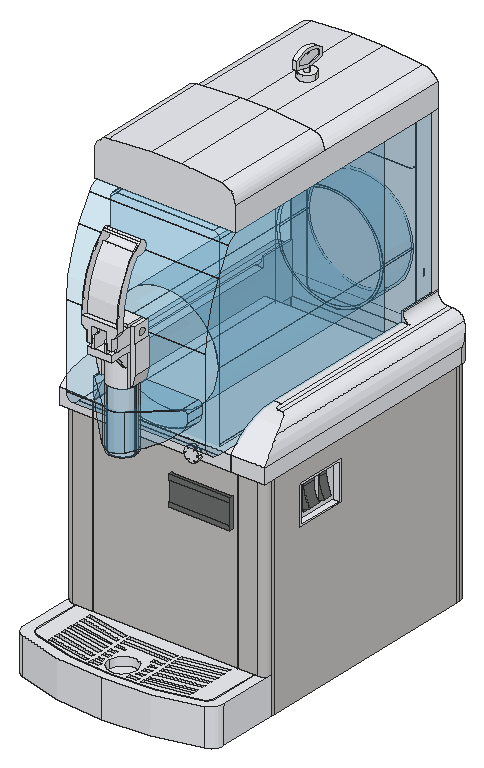
Revit family "QF_ELECTROLUXPROFESSIONAL_560098_SP1NewUV", category Specialty Equipment, Revit 2018
Family settings
  Round Connector Dimension = Use Diameter
  Part Type = Normal
  Work Plane-Based = No
  Always vertical = Yes
  Cut with Voids When Loaded = No
  Shared = No
  Room Calculation Point = No
Parameters (values of type "Standard")
  Weight = 28.00 kg
  Watts = 0 W
  Volts = 220 V
  URL Manufacturer = "http://professional.electrolux.com"
  URL = "http://professional.electrolux.com"
  Steam Supply Size = 0 mm
  Steam Supply Minimum Pressure = 0.0 Pa
  Steam Supply Maximum Pressure = 0.0 Pa
  Steam Pounds per Hour = 0
  Refrigeration Suction Line Size = 0 mm
  Refrigeration Liquid Line Size = 0 mm
  Refrigerant Compressor Remote = yes
  Manufacturer = "Electrolux Professional"
  Phase = 1
  Model = "SP1NewUV"
  Length Actual = 262 mm  # constant formula
  Item Number = "560098"
  Hot Water Size = 0 mm
  Height Actual = 613 mm  # constant formula
  HP = "0.4 HP"
  Gas Size = 0 mm
  Gas KW = 0
  Gas Input Pressure = 0 W
  Direct Waste Size = 0 mm
  Description = "1x5 LITERS BOWL - FROZEN GRANITA AND FROZEN CREAM DISPENSER -  1 INSULATED BOWL - UV LIGHT"
  Depth Actual = 429 mm  # constant formula
  Cycle = 50 Hz
  Condensate Return Size = 0 mm
  Compressed Air Volume = 0.0 L/s
  Compressed Air Size = 0 mm
  Compressed Air Pressure = 0.0 Pa
  Cold Water Size = 0 mm
  Accessory = yes
Reference planes
  plane 1 "Center (Front/Back)": y = 0
  plane 2 "BASE": z = 0
  plane 3 "Center (Left/Right)": x = 0
  plane 4 "FEET": z = 14
  plane 5 "BACK": y = 212
  plane 6 "LEFT": x = -131
  plane 7 "RIGHT": x = 131
  plane 8: y = 169
  plane 9: y = -118.5
  plane 10 "Erogatore": through (0, -232.305, 334.252) normal (0, -0.5736, 0.8192)
  plane 11: y = -81
  plane 12 "BackButton": z = 362.798
  plane 13 "SlopeBack": through (0, 294.5, 470.764) normal (0, 0.9659, 0.2588)
  plane 14 "TOP": z = 640
  plane 15 "FRONT": y = -216
Forms (mm)
  Extrusion 1, solid, material "QF_Finishes_Rubber Black"
    sketch origin (-29, 0, 0) x (1, 0, 0) y (0, 1, 0)
      loop
        circle (-71, 169) r 12.5
    from 0 to 3
  Blend 2, solid
    base sketch origin (-29, 0, 0) x (1, 0, 0) y (0, 1, 0)
      loop
        circle (-71, 169) r 15.5
    top sketch origin (-29, 0, 0) x (1, 0, 0) y (0, 1, 0)
      loop
        circle (-71, 169) r 17
    from 3 to 14
  Extrusion 3, solid, material "QF_Finishes_Rubber Black"
    sketch origin (171, 0, 0) x (1, 0, 0) y (0, 1, 0)
      loop
        circle (-71, 169) r 12.5
    from 0 to 3
  Blend 4, solid
    base sketch origin (171, 0, 0) x (1, 0, 0) y (0, 1, 0)
      loop
        circle (-71, 169) r 15.5
    top sketch origin (171, 0, 0) x (1, 0, 0) y (0, 1, 0)
      loop
        circle (-71, 169) r 17
    from 3 to 14
  Extrusion 5, solid, material "QF_Finishes_Rubber Black"
    sketch origin (171, -267.5, 0) x (1, 0, 0) y (0, 1, 0)
      loop
        circle (-71, 186.5) r 12.5
    from 0 to 3
  Blend 6, solid
    base sketch origin (171, -267.5, 0) x (1, 0, 0) y (0, 1, 0)
      loop
        circle (-71, 186.5) r 15.5
    top sketch origin (171, -267.5, 0) x (1, 0, 0) y (0, 1, 0)
      loop
        circle (-71, 186.5) r 17
    from 3 to 14
  Extrusion 7, solid, material "QF_Finishes_Rubber Black"
    sketch origin (-29, -267.5, 0) x (1, 0, 0) y (0, 1, 0)
      loop
        circle (-71, 186.5) r 12.5
    from 0 to 3
  Blend 8, solid
    base sketch origin (-29, -267.5, 0) x (1, 0, 0) y (0, 1, 0)
      loop
        circle (-71, 186.5) r 15.5
    top sketch origin (-29, -267.5, 0) x (1, 0, 0) y (0, 1, 0)
      loop
        circle (-71, 186.5) r 17
    from 3 to 14
  Extrusion 9, solid, material "Glass"
    sketch origin (0, 212, 0) x (-1, 0, 0) y (0, 0, 1)
      loop
        circle (0, 394.542) r 65
      loop
        circle (0, 394.542) r 68
    from -59.276 to -10
  Extrusion 10, solid, material "QF_Finishes_White"
    sketch origin (0.189, -212, -123.048) x (-1, 0, 0) y (0, 0, 1)
      loop
        line (41.631, 426.74) -> (42.799, 423.85)
        arc (42.799, 423.85) -> (41.998, 423.46) -> (41.26, 422.962) r 6.382
        line (41.26, 422.962) -> (39.342, 425.418)
        arc (39.342, 425.418) -> (36.964, 422.682) -> (35.784, 419.255) r 9.498
        line (35.784, 419.255) -> (38.87, 418.821)
        arc (38.87, 418.821) -> (38.808, 417.933) -> (38.87, 417.045) r 6.382
        line (38.87, 417.045) -> (35.784, 416.611)
        arc (35.784, 416.611) -> (36.964, 413.184) -> (39.342, 410.449) r 9.498
        line (39.342, 410.449) -> (41.26, 412.904)
        arc (41.26, 412.904) -> (41.998, 412.406) -> (42.799, 412.016) r 6.382
        line (42.799, 412.016) -> (41.631, 409.127)
        arc (41.631, 409.127) -> (45.189, 408.435) -> (48.747, 409.127) r 9.498
        line (48.747, 409.127) -> (47.58, 412.016)
        arc (47.58, 412.016) -> (48.38, 412.406) -> (49.118, 412.904) r 6.382
        line (49.118, 412.904) -> (51.037, 410.449)
        arc (51.037, 410.449) -> (53.415, 413.184) -> (54.595, 416.611) r 9.498
        line (54.595, 416.611) -> (51.509, 417.045)
        arc (51.509, 417.045) -> (51.571, 417.933) -> (51.509, 418.821) r 6.382
        line (51.509, 418.821) -> (54.595, 419.255)
        arc (54.595, 419.255) -> (53.415, 422.682) -> (51.037, 425.418) r 9.498
        line (51.037, 425.418) -> (49.118, 422.962)
        arc (49.118, 422.962) -> (48.38, 423.46) -> (47.58, 423.85) r 6.382
        line (47.58, 423.85) -> (48.747, 426.74)
        arc (48.747, 426.74) -> (45.189, 427.431) -> (41.631, 426.74) r 9.498
    from 86.951 to 91.847
  Extrusion 11, solid, material "QF_Finishes_White"
    sketch origin (0, 48.357, 801) x (-1, 0, 0) y (0, -1, 0)
      loop
        circle (0, 226.958) r 15.5
    from -371.98 to -493
  Extrusion 12, solid, material "Glass"
    sketch origin (0, 48.357, 801) x (-1, 0, 0) y (0, -1, 0)
      loop
        circle (0, 226.958) r 18
      loop
        circle (0, 226.958) r 16
    from -413.102 to -493
  Extrusion 13, solid, material "QF_Finishes_White"
    sketch origin (0, 48.357, 801) x (-1, 0, 0) y (0, -1, 0)
      loop
        arc (-15.227, 216.452) -> (0, 208.458) -> (15.227, 216.452) r 18.5
        line (15.227, 216.452) -> (15.227, 237.464)
        arc (15.227, 237.464) -> (0, 245.458) -> (-15.227, 237.464) r 18.5
        line (-15.227, 237.464) -> (-15.227, 216.452)
    from -371.98 to -413.102
  Extrusion 14, solid, material "QF_Finishes_White"
    sketch origin (0, 55.382, 805.556) x (-1, 0, 0) y (0, -1, 0)
      loop
        line (15.227, 271.382) -> (-15.227, 271.382) -> (-15.227, 213.658) -> (15.227, 213.658) -> (15.227, 271.382)
    from -368.017 to -376.536
  Extrusion 15, solid, material "QF_Finishes_White"
    sketch origin (0, 53.382, -125.444) x (0, 1, 0) y (0, 0, 1)
      loop
        line (-261.382, 594.51) -> (-261.382, 596.294)
        arc (-261.382, 596.294) -> (-255.05, 633.384) -> (-236.771, 666.272) r 111.793
        arc (-236.771, 666.272) -> (-224.219, 671.737) -> (-234.339, 680.956) r 8.155
        arc (-234.339, 680.956) -> (-260.275, 642.108) -> (-269.382, 596.294) r 119.793
        line (-269.382, 596.294) -> (-269.382, 594.51) -> (-261.382, 594.51)
    from 23.02 to -23.02
  Extrusion 16, void
    sketch origin (0, -212, -130.102) x (-1, 0, 0) y (0, 0, 1)
      loop
        line (-23.02, 594.51) -> (-23.02, 567.641) -> (-15.227, 567.641) -> (-15.227, 586.659)
        arc (-15.227, 586.659) -> (-20.449, 589.269) -> (-23.02, 594.51) r 9.122
      loop
        arc (23.02, 594.51) -> (20.449, 589.269) -> (15.227, 586.659) r 9.122
        line (15.227, 586.659) -> (15.227, 567.641) -> (23.02, 567.641) -> (23.02, 594.51)
      loop
        line (-10.018, 592.641) -> (-10.018, 567.641) -> (9.982, 567.641) -> (9.982, 592.641) -> (-10.018, 592.641)
    from 4 to -4
  Extrusion 17, void
    sketch origin (0, 53.382, -125.444) x (0, 1, 0) y (0, 0, 1)
      loop
        arc (-238.506, 676.569) -> (-261.397, 639.298) -> (-269.382, 596.294) r 119.793
        line (-269.382, 596.294) -> (-262.382, 596.294)
        arc (-262.382, 596.294) -> (-255.831, 634.173) -> (-236.94, 667.653) r 112.793
        arc (-236.94, 667.653) -> (-225.218, 674.307) -> (-238.506, 676.569) r 7.155
    from 22 to -22
  Extrusion 18, solid, material "QF_Finishes_White"
    sketch origin (-131, 53.382, -125.444) x (0, 1, 0) y (0, 0, 1)
      loop
        line (-261.382, 596.294) -> (-269.382, 596.294) -> (-269.382, 567.641) -> (-261.382, 567.641) -> (-261.382, 596.294)
    from 154.02 to 107.98
  Extrusion 19, solid, material "QF_Finishes_White"
    sketch origin (-131, 55.382, -130.102) x (0, 1, 0) y (0, 0, 1)
      loop
        line (-263.382, 567.641) -> (-223.382, 567.641) -> (-223.382, 587.641) -> (-256.513, 587.641)
        arc (-256.513, 587.641) -> (-261.37, 589.653) -> (-263.382, 594.51) r 6.869
        line (-263.382, 594.51) -> (-263.382, 567.641)
    from 115.773 to 107.98
  Extrusion 20, solid, material "QF_Finishes_White"
    sketch origin (-131, 55.382, -130.102) x (0, 1, 0) y (0, 0, 1)
      loop
        line (-263.382, 567.641) -> (-224.483, 567.641) -> (-224.483, 587.641) -> (-256.513, 587.641)
        arc (-256.513, 587.641) -> (-261.37, 589.653) -> (-263.382, 594.51) r 6.869
        line (-263.382, 594.51) -> (-263.382, 567.641)
    from 115.773 to 121.018
  Extrusion 21, solid, material "QF_Finishes_White"
    sketch origin (-131, 55.382, -125.444) x (0, 1, 0) y (0, 0, 1)
      loop
        line (-248.575, 539.464) -> (-246.902, 539.464) -> (-246.902, 554.464) -> (-261.615, 554.464) -> (-248.575, 539.464)
    from 115.773 to 118.85
  Extrusion 22, solid, material "QF_Finishes_White"
    sketch origin (-131, 55.382, -125.444) x (0, 1, 0) y (0, 0, 1)
      loop
        line (-246.902, 554.464) -> (-261.615, 554.464) -> (-248.575, 539.464) -> (-246.902, 539.464) -> (-246.902, 554.464)
    from 143.221 to 146.227
  Extrusion 23, solid, material "QF_Finishes_White"
    sketch origin (-131, 55.382, -125.444) x (0, 1, 0) y (0, 0, 1)
      loop
        line (-263.382, 562.983) -> (-224.483, 562.983) -> (-224.483, 582.983) -> (-256.513, 582.983)
        arc (-256.513, 582.983) -> (-261.37, 584.995) -> (-263.382, 589.852) r 6.869
        line (-263.382, 589.852) -> (-263.382, 562.983)
    from 141.018 to 146.227
  Extrusion 24, solid, material "QF_Finishes_White"
    sketch origin (-131, 53.382, -130.102) x (0, 1, 0) y (0, 0, 1)
      loop
        line (-269.382, 567.641) -> (-221.382, 567.641) -> (-221.382, 586.659) -> (-258.382, 586.659)
        arc (-258.382, 586.659) -> (-260.503, 585.78) -> (-261.382, 583.659) r 3
        line (-261.382, 583.659) -> (-261.382, 582.15) -> (-266.382, 582.15)
        arc (-266.382, 582.15) -> (-268.503, 581.271) -> (-269.382, 579.15) r 3
        line (-269.382, 579.15) -> (-269.382, 567.641)
    from 124.546 to 121.018
  Extrusion 25, solid, material "QF_Finishes_White"
    sketch origin (-131, 65.803, -125.444) x (0, 1, 0) y (0, 0, 1)
      loop
        line (-281.803, 562.983) -> (-234.904, 562.983) -> (-234.904, 582.001) -> (-270.803, 582.001)
        arc (-270.803, 582.001) -> (-272.924, 581.122) -> (-273.803, 579.001) r 3
        line (-273.803, 579.001) -> (-273.803, 577.492) -> (-278.803, 577.492)
        arc (-278.803, 577.492) -> (-280.924, 576.613) -> (-281.803, 574.492) r 3
        line (-281.803, 574.492) -> (-281.803, 562.983)
    from 137.49 to 141.018
  Extrusion 26, solid, material "QF_Finishes_White"
    sketch origin (0, -212, -125.444) x (-1, 0, 0) y (0, 0, 1)
      loop
        line (-18, 517.898) -> (-18, 586.659) -> (-23.482, 586.659) -> (-23.482, 567.641) -> (-24.969, 567.641) -> (-24.969, 530.88) -> (-21, 517.898) -> (-18, 517.898)
      loop
        line (18, 517.898) -> (21, 517.898) -> (24.969, 530.88) -> (24.969, 567.641) -> (23.482, 567.641) -> (23.482, 586.659) -> (18, 586.659) -> (18, 517.898)
    from 43.905 to 22.893
  Extrusion 27, solid, material "QF_Finishes_White"
    sketch origin (0, 65.803, 805.556) x (-1, 0, 0) y (0, -1, 0)
      loop
        line (-15.227, 254.91) -> (-15.227, 233.898) -> (15.227, 233.898) -> (15.227, 254.91) -> (-15.227, 254.91)
    from -344.341 to -348.017
  Extrusion 28, void
    sketch origin (0, 56.778, -130) x (0, 1, 0) y (0, 0, 1)
      loop
        circle (-234.353, 582.005) r 3.978
    from 24.969 to -24.969
  Extrusion 29, solid, material "QF_Finishes_Stainless Steel"
    sketch origin (0, 56.226, -130) x (0, 1, 0) y (0, 0, 1)
      loop
        circle (-234.353, 582.005) r 3.978
    from 24 to -24
  Extrusion 30, solid, material "QF_Finishes_Stainless Steel"
    sketch origin (140, 25, 14) x (-1, 0, 0) y (0, -1, 0)
      loop
        circle (71, 81) r 10
    from 0 to -10
  Extrusion 31, void
    sketch origin (0, 240.916, -140) x (0, 0, 1) y (-1, 0, 0)
      loop
        line (496.312, -81.169) -> (519.521, -81.169)
        arc (519.521, -81.169) -> (523.021, -77.669) -> (519.521, -74.169) r 3.5
        line (519.521, -74.169) -> (496.312, -74.169)
        arc (496.312, -74.169) -> (492.812, -77.669) -> (496.312, -81.169) r 3.5
    from 28.916 to 38.079
  Extrusion 32, solid, material "QF_Finishes_Red"
    sketch origin (0, 240.916, -140) x (0, 0, 1) y (-1, 0, 0)
      loop
        line (507.945, -79.669) -> (517.521, -79.669) -> (517.521, -75.669) -> (507.945, -75.669) -> (507.945, -79.669)
    from 32.664 to 38.079
  Extrusion 33, solid, material "QF_Finishes_Stainless Steel"
    sketch origin (131, 0, 0) x (0, -1, 0) y (0, 0, 1)
      loop
        line (-195.256, 14) -> (96.764, 14) -> (96.764, 286) -> (-195.256, 286) -> (-195.256, 14)
      loop
        line (55.71, 260.287) -> (-9.29, 260.287) -> (-9.29, 210.287) -> (55.71, 210.287) -> (55.71, 260.287)
    from 6 to 3
  Extrusion 34, solid, material "QF_Finishes_Stainless Steel"
    sketch origin (-133, 0, 0) x (0, -1, 0) y (0, 0, -1)
      loop
        line (-195.256, -14) -> (-195.256, -286) -> (96.764, -286) -> (96.764, -14) -> (-195.256, -14)
    from 8 to 5
  Extrusion 35, solid, material "QF_Finishes_Stainless Steel"
    sketch origin (0, 0, 14) x (-1, 0, 0) y (0, -1, 0)
      loop
        line (-128, 100.829) -> (-128, 96.764) -> (-125, 96.764) -> (-125, 100.829)
        arc (-125, 100.829) -> (-122.95, 105.778) -> (-118, 107.829) r 7
        line (-118, 107.829) -> (-93.157, 107.829) -> (-93.157, 110.829) -> (-118, 110.829)
        arc (-118, 110.829) -> (-125.071, 107.9) -> (-128, 100.829) r 10
    from 0 to 272
  Extrusion 36, solid, material "QF_Finishes_Stainless Steel"
    sketch origin (0, 0, 14) x (1, 0, 0) y (0, 1, 0)
      loop
        arc (-128, -100.829) -> (-125.071, -107.9) -> (-118, -110.829) r 10
        line (-118, -110.829) -> (-93.157, -110.829) -> (-93.157, -107.829) -> (-118, -107.829)
        arc (-118, -107.829) -> (-122.95, -105.778) -> (-125, -100.829) r 7
        line (-125, -100.829) -> (-125, -96.764) -> (-128, -96.764) -> (-128, -100.829)
    from 0 to 272
  Extrusion 37, solid, material "QF_Finishes_Stainless Steel"
    sketch origin (0, 98.492, 14) x (-1, 0, 0) y (0, -1, 0)
      loop
        arc (-128, -100.829) -> (-125.071, -107.9) -> (-118, -110.829) r 10
        line (-118, -110.829) -> (-93.157, -110.829) -> (-93.157, -107.829) -> (-118, -107.829)
        arc (-118, -107.829) -> (-122.95, -105.778) -> (-125, -100.829) r 7
        line (-125, -100.829) -> (-125, -96.764) -> (-128, -96.764) -> (-128, -100.829)
    from 0 to 272
  Extrusion 38, solid, material "QF_Finishes_Stainless Steel"
    sketch origin (0, 98.492, 14) x (1, 0, 0) y (0, 1, 0)
      loop
        line (-128, 100.829) -> (-128, 96.764) -> (-125, 96.764) -> (-125, 100.829)
        arc (-125, 100.829) -> (-122.95, 105.778) -> (-118, 107.829) r 7
        line (-118, 107.829) -> (-93.157, 107.829) -> (-93.157, 110.829) -> (-118, 110.829)
        arc (-118, 110.829) -> (-125.071, 107.9) -> (-128, 100.829) r 10
    from 0 to 272
  Extrusion 39, solid, material "QF_Finishes_White"
    sketch origin (0, 0, 14) x (-1, 0, 0) y (0, -1, 0)
      loop
        line (93.157, -209.321) -> (93.157, -206.321) -> (-93.157, -206.321) -> (-93.157, -209.321) -> (93.157, -209.321)
    from 0 to 272
  Extrusion 40, solid, material "QF_Finishes_Stainless Steel"
    sketch origin (0, 0, 14) x (-1, 0, 0) y (0, -1, 0)
      loop
        line (93.157, 107.829) -> (93.157, 110.829) -> (-93.157, 110.829) -> (-93.157, 107.829) -> (93.157, 107.829)
    from 0 to 272
  Extrusion 41, solid, material "QF_Finishes_White"
    sketch origin (0, 212, 0) x (-1, 0, 0) y (0, 0, 1)
      loop
        line (-88, 286) -> (-88, 351) -> (-90.028, 351) -> (-90.028, 349.598)
        arc (-90.028, 349.598) -> (-93.627, 340.909) -> (-102.317, 337.309) r 12.289
        line (-102.317, 337.309) -> (-109.296, 337.309)
        arc (-109.296, 337.309) -> (-117.695, 334.961) -> (-123.658, 328.597) r 16.194
        arc (-123.658, 328.597) -> (-129.118, 317.88) -> (-131, 306) r 38.445
        line (-131, 306) -> (-131, 286) -> (-88, 286)
      loop
        line (88, 286) -> (131, 286) -> (131, 306)
        arc (131, 306) -> (129.118, 317.88) -> (123.658, 328.597) r 38.445
        arc (123.658, 328.597) -> (117.695, 334.961) -> (109.296, 337.309) r 16.194
        line (109.296, 337.309) -> (102.317, 337.309)
        arc (102.317, 337.309) -> (93.627, 340.909) -> (90.028, 349.598) r 12.289
        line (90.028, 349.598) -> (90.028, 351) -> (88, 351) -> (88, 286)
    from 0 to -327.977
  Extrusion 42, void
    sketch origin (0, 0, 0) x (0, 1, 0) y (0, 0, 1)
      loop
        line (157, 351) -> (-115.977, 351) -> (-115.977, 306)
        arc (-115.977, 306) -> (-85.566, 329.6) -> (-48, 338) r 88.201
        line (-48, 338) -> (157, 338) -> (157, 351)
    from -135 to 135
  Extrusion 43, solid, material "Glass"
    sketch origin (0, 212, 0) x (-1, 0, 0) y (0, 0, 1)
      loop
        circle (0, 394.542) r 68
      loop
        line (69.972, 309) -> (69.972, 543)
        arc (69.972, 543) -> (67.629, 548.657) -> (61.972, 551) r 8
        line (61.972, 551) -> (-62.028, 551)
        arc (-62.028, 551) -> (-67.685, 548.657) -> (-70.028, 543) r 8
        line (-70.028, 543) -> (-70.028, 308.956)
        arc (-70.028, 308.956) -> (-67.698, 303.33) -> (-62.072, 301) r 7.956
        line (-62.072, 301) -> (61.972, 301)
        arc (61.972, 301) -> (67.629, 303.343) -> (69.972, 309) r 8
    from -59.276 to -322.829
  Extrusion 44, solid, material "QF_Finishes_White"
    sketch origin (0, 212, 0) x (-1, 0, 0) y (0, 0, 1)
      loop
        line (90.028, 558.048) -> (90.028, 589.456)
        arc (90.028, 589.456) -> (84.981, 602.738) -> (72.387, 609.316) r 20
        arc (72.387, 609.316) -> (44.744, 611.967) -> (17.01, 613.364) r 613.713
        arc (17.01, 613.364) -> (-1.88, 613.597) -> (-20.769, 613.248) r 613.713
        arc (-20.769, 613.248) -> (-46.619, 611.827) -> (-72.387, 609.316) r 613.713
        arc (-72.387, 609.316) -> (-84.981, 602.738) -> (-90.028, 589.456) r 20
        line (-90.028, 589.456) -> (-90.028, 558.048) -> (90.028, 558.048)
    from -323 to 0
  Extrusion 45, solid, material "QF_Finishes_White"
    sketch origin (0, -212, 0) x (-1, 0, 0) y (0, 0, 1)
      loop
        line (88, 306) -> (-88, 306) -> (-88, 286) -> (88, 286) -> (88, 306)
    from 96.023 to 369
  Extrusion 46, solid, material "QF_Finishes_White"
    sketch origin (-0.189, -212, -123.048) x (1, 0, 0) y (0, 0, -1)
      loop
        arc (41.631, -426.74) -> (45.189, -427.431) -> (48.747, -426.74) r 9.498
        line (48.747, -426.74) -> (47.58, -423.85)
        arc (47.58, -423.85) -> (48.38, -423.46) -> (49.118, -422.962) r 6.382
        line (49.118, -422.962) -> (51.037, -425.418)
        arc (51.037, -425.418) -> (53.415, -422.682) -> (54.595, -419.255) r 9.498
        line (54.595, -419.255) -> (51.509, -418.821)
        arc (51.509, -418.821) -> (51.571, -417.933) -> (51.509, -417.045) r 6.382
        line (51.509, -417.045) -> (54.595, -416.611)
        arc (54.595, -416.611) -> (53.415, -413.184) -> (51.037, -410.449) r 9.498
        line (51.037, -410.449) -> (49.118, -412.904)
        arc (49.118, -412.904) -> (48.38, -412.406) -> (47.58, -412.016) r 6.382
        line (47.58, -412.016) -> (48.747, -409.127)
        arc (48.747, -409.127) -> (45.189, -408.435) -> (41.631, -409.127) r 9.498
        line (41.631, -409.127) -> (42.799, -412.016)
        arc (42.799, -412.016) -> (41.998, -412.406) -> (41.26, -412.904) r 6.382
        line (41.26, -412.904) -> (39.342, -410.449)
        arc (39.342, -410.449) -> (36.964, -413.184) -> (35.784, -416.611) r 9.498
        line (35.784, -416.611) -> (38.87, -417.045)
        arc (38.87, -417.045) -> (38.808, -417.933) -> (38.87, -418.821) r 6.382
        line (38.87, -418.821) -> (35.784, -419.255)
        arc (35.784, -419.255) -> (36.964, -422.682) -> (39.342, -425.418) r 9.498
        line (39.342, -425.418) -> (41.26, -422.962)
        arc (41.26, -422.962) -> (41.998, -423.46) -> (42.799, -423.85) r 6.382
        line (42.799, -423.85) -> (41.631, -426.74)
    from 86.951 to 91.847
  Extrusion 47, solid, material "QF_Finishes_Rubber Black"
    sketch origin (0, 0, 0) x (0, 1, 0) y (0, 0, 1)
      loop
        line (-110.829, 255.595) -> (-115.977, 255.595) -> (-115.977, 249.595) -> (-115.179, 249.595) -> (-115.179, 223.805) -> (-115.977, 223.805) -> (-115.977, 217.805) -> (-110.829, 217.805) -> (-110.829, 255.595)
    from 8.945 to 86.168
  Extrusion 48, solid, material "QF_Finishes_White"
    sketch origin (0, 0, 14) x (-1, 0, 0) y (0, -1, 0)
      loop
        line (128, 100.829) -> (128, 176.764)
        arc (128, 176.764) -> (124.847, 186.764) -> (116.528, 193.147) r 17.434
        arc (116.528, 193.147) -> (59.156, 208.086) -> (0, 212) r 314.7
        arc (0, 212) -> (-59.156, 208.086) -> (-116.528, 193.147) r 314.7
        arc (-116.528, 193.147) -> (-124.847, 186.764) -> (-128, 176.764) r 17.434
        line (-128, 176.764) -> (-128, 100.829)
        arc (-128, 100.829) -> (-125.071, 107.9) -> (-118, 110.829) r 10
        line (-118, 110.829) -> (-114, 110.829) -> (-114, 172.813)
        arc (-114, 172.813) -> (-111.75, 179.808) -> (-105.843, 184.18) r 12
        arc (-105.843, 184.18) -> (-53.626, 196.802) -> (0, 199.995) r 302.7
        arc (0, 199.995) -> (53.626, 196.802) -> (105.843, 184.18) r 302.7
        arc (105.843, 184.18) -> (111.75, 179.808) -> (114, 172.813) r 12
        line (114, 172.813) -> (114, 110.829) -> (118, 110.829)
        arc (118, 110.829) -> (125.071, 107.9) -> (128, 100.829) r 10
    from 0 to 47
  Extrusion 49, solid, material "QF_Finishes_White"
    sketch origin (0, 0, 14) x (-1, 0, 0) y (0, -1, 0)
      loop
        arc (114, 172.813) -> (111.75, 179.808) -> (105.843, 184.18) r 12
        arc (105.843, 184.18) -> (53.626, 196.802) -> (0, 199.995) r 302.7
        arc (0, 199.995) -> (-53.626, 196.802) -> (-105.843, 184.18) r 302.7
        arc (-105.843, 184.18) -> (-111.75, 179.808) -> (-114, 172.813) r 12
        line (-114, 172.813) -> (-114, 110.829) -> (114, 110.829) -> (114, 172.813)
    from 36.6 to 47
  Extrusion 50, solid, material "QF_Finishes_White"
    sketch origin (0, 0, 14) x (-1, 0, 0) y (0, -1, 0)
      loop
        arc (114, 172.813) -> (111.75, 179.808) -> (105.843, 184.18) r 12
        arc (105.843, 184.18) -> (53.626, 196.802) -> (0, 199.995) r 302.7
        arc (0, 199.995) -> (-53.626, 196.802) -> (-105.843, 184.18) r 302.7
        arc (-105.843, 184.18) -> (-111.75, 179.808) -> (-114, 172.813) r 12
        line (-114, 172.813) -> (-114, 110.829) -> (114, 110.829) -> (114, 172.813)
    from 0 to 10
  Extrusion 51, void
    sketch origin (0, 0, 14) x (-1, 0, 0) y (0, -1, 0)
      loop
        circle (0, 178.601) r 18.039
      loop
        line (35.093, 193.971) -> (35.093, 188.951)
        arc (35.093, 188.951) -> (62.934, 185.094) -> (90.277, 178.584) r 292.7
        line (90.277, 178.584) -> (90.277, 183.786)
        arc (90.277, 183.786) -> (62.925, 190.182) -> (35.093, 193.971) r 297.7
      loop
        line (35.093, 183.971) -> (35.093, 178.951)
        arc (35.093, 178.951) -> (62.934, 175.094) -> (90.277, 168.584) r 292.7
        line (90.277, 168.584) -> (90.277, 173.786)
        arc (90.277, 173.786) -> (62.925, 180.182) -> (35.093, 183.971) r 297.7
      loop
        line (35.093, 173.971) -> (35.093, 168.951)
        arc (35.093, 168.951) -> (62.934, 165.094) -> (90.277, 158.584) r 292.7
        line (90.277, 158.584) -> (90.277, 163.786)
        arc (90.277, 163.786) -> (62.925, 170.182) -> (35.093, 173.971) r 297.7
      loop
        line (35.093, 163.971) -> (35.093, 158.951)
        arc (35.093, 158.951) -> (62.934, 155.094) -> (90.277, 148.584) r 292.7
        line (90.277, 148.584) -> (90.277, 153.786)
        arc (90.277, 153.786) -> (62.925, 160.182) -> (35.093, 163.971) r 297.7
      loop
        line (35.093, 153.971) -> (35.093, 148.951)
        arc (35.093, 148.951) -> (62.934, 145.094) -> (90.277, 138.584) r 292.7
        line (90.277, 138.584) -> (90.277, 143.786)
        arc (90.277, 143.786) -> (62.925, 150.182) -> (35.093, 153.971) r 297.7
      loop
        line (35.093, 143.971) -> (35.093, 138.951)
        arc (35.093, 138.951) -> (62.934, 135.094) -> (90.277, 128.584) r 292.7
        line (90.277, 128.584) -> (90.277, 133.786)
        arc (90.277, 133.786) -> (62.925, 140.182) -> (35.093, 143.971) r 297.7
      loop
        line (35.093, 133.971) -> (35.093, 128.951)
        arc (35.093, 128.951) -> (62.934, 125.094) -> (90.277, 118.584) r 292.7
        line (90.277, 118.584) -> (90.277, 123.786)
        arc (90.277, 123.786) -> (62.925, 130.182) -> (35.093, 133.971) r 297.7
      loop
        arc (-35.093, 193.971) -> (-62.925, 190.182) -> (-90.277, 183.786) r 297.7
        line (-90.277, 183.786) -> (-90.277, 178.584)
        arc (-90.277, 178.584) -> (-62.934, 185.094) -> (-35.093, 188.951) r 292.7
        line (-35.093, 188.951) -> (-35.093, 193.971)
      loop
        arc (-35.093, 183.971) -> (-62.925, 180.182) -> (-90.277, 173.786) r 297.7
        line (-90.277, 173.786) -> (-90.277, 168.584)
        arc (-90.277, 168.584) -> (-62.934, 175.094) -> (-35.093, 178.951) r 292.7
        line (-35.093, 178.951) -> (-35.093, 183.971)
      loop
        arc (-35.093, 173.971) -> (-62.925, 170.182) -> (-90.277, 163.786) r 297.7
        line (-90.277, 163.786) -> (-90.277, 158.584)
        arc (-90.277, 158.584) -> (-62.934, 165.094) -> (-35.093, 168.951) r 292.7
        line (-35.093, 168.951) -> (-35.093, 173.971)
      loop
        arc (-35.093, 163.971) -> (-62.925, 160.182) -> (-90.277, 153.786) r 297.7
        line (-90.277, 153.786) -> (-90.277, 148.584)
        arc (-90.277, 148.584) -> (-62.934, 155.094) -> (-35.093, 158.951) r 292.7
        line (-35.093, 158.951) -> (-35.093, 163.971)
      loop
        arc (-35.093, 153.971) -> (-62.925, 150.182) -> (-90.277, 143.786) r 297.7
        line (-90.277, 143.786) -> (-90.277, 138.584)
        arc (-90.277, 138.584) -> (-62.934, 145.094) -> (-35.093, 148.951) r 292.7
        line (-35.093, 148.951) -> (-35.093, 153.971)
      loop
        arc (-35.093, 143.971) -> (-62.925, 140.182) -> (-90.277, 133.786) r 297.7
        line (-90.277, 133.786) -> (-90.277, 128.584)
        arc (-90.277, 128.584) -> (-62.934, 135.094) -> (-35.093, 138.951) r 292.7
        line (-35.093, 138.951) -> (-35.093, 143.971)
      loop
        arc (-35.093, 133.971) -> (-62.925, 130.182) -> (-90.277, 123.786) r 297.7
        line (-90.277, 123.786) -> (-90.277, 118.584)
        arc (-90.277, 118.584) -> (-62.934, 125.094) -> (-35.093, 128.951) r 292.7
        line (-35.093, 128.951) -> (-35.093, 133.971)
      loop
        arc (30.3, 194.288) -> (24.151, 194.546) -> (18, 194.745) r 649.216
        line (18, 194.745) -> (18, 189.743)
        arc (18, 189.743) -> (24.151, 189.542) -> (30.3, 189.282) r 644.216
        line (30.3, 189.282) -> (30.3, 194.288)
      loop
        line (-30.3, 194.288) -> (-30.3, 189.282)
        arc (-30.3, 189.282) -> (-24.151, 189.542) -> (-18, 189.743) r 644.216
        line (-18, 189.743) -> (-18, 194.745)
        arc (-18, 194.745) -> (-24.151, 194.546) -> (-30.3, 194.288) r 649.216
      loop
        arc (30.3, 184.288) -> (25.651, 184.488) -> (21, 184.655) r 649.216
        line (21, 184.655) -> (21, 179.653)
        arc (21, 179.653) -> (25.651, 179.484) -> (30.3, 179.282) r 644.216
        line (30.3, 179.282) -> (30.3, 184.288)
      loop
        arc (30.3, 174.288) -> (25.651, 174.488) -> (21, 174.655) r 649.216
        line (21, 174.655) -> (21, 169.653)
        arc (21, 169.653) -> (25.651, 169.484) -> (30.3, 169.282) r 644.216
        line (30.3, 169.282) -> (30.3, 174.288)
      loop
        arc (30.3, 164.288) -> (25.651, 164.488) -> (21, 164.655) r 649.216
        line (21, 164.655) -> (21, 159.653)
        arc (21, 159.653) -> (25.651, 159.484) -> (30.3, 159.282) r 644.216
        line (30.3, 159.282) -> (30.3, 164.288)
      loop
        arc (30.3, 154.288) -> (23.411, 154.573) -> (16.519, 154.785) r 649.216
        line (16.519, 154.785) -> (16.519, 149.783)
        arc (16.519, 149.783) -> (23.411, 149.569) -> (30.3, 149.282) r 644.216
        line (30.3, 149.282) -> (30.3, 154.288)
      loop
        arc (30.3, 144.288) -> (0, 144.995) -> (-30.3, 144.288) r 649.216
        line (-30.3, 144.288) -> (-30.3, 139.282)
        arc (-30.3, 139.282) -> (0, 139.995) -> (30.3, 139.282) r 644.216
        line (30.3, 139.282) -> (30.3, 144.288)
      loop
        arc (30.3, 134.288) -> (0, 134.995) -> (-30.3, 134.288) r 649.216
        line (-30.3, 134.288) -> (-30.3, 129.282)
        arc (-30.3, 129.282) -> (0, 129.995) -> (30.3, 129.282) r 644.216
        line (30.3, 129.282) -> (30.3, 134.288)
      loop
        line (-30.3, 184.288) -> (-30.3, 179.282)
        arc (-30.3, 179.282) -> (-25.651, 179.484) -> (-21, 179.653) r 644.216
        line (-21, 179.653) -> (-21, 184.655)
        arc (-21, 184.655) -> (-25.651, 184.488) -> (-30.3, 184.288) r 649.216
      loop
        line (-30.3, 174.288) -> (-30.3, 169.282)
        arc (-30.3, 169.282) -> (-25.651, 169.484) -> (-21, 169.653) r 644.216
        line (-21, 169.653) -> (-21, 174.655)
        arc (-21, 174.655) -> (-25.651, 174.488) -> (-30.3, 174.288) r 649.216
      loop
        line (-30.3, 164.288) -> (-30.3, 159.282)
        arc (-30.3, 159.282) -> (-25.651, 159.484) -> (-21, 159.653) r 644.216
        line (-21, 159.653) -> (-21, 164.655)
        arc (-21, 164.655) -> (-25.651, 164.488) -> (-30.3, 164.288) r 649.216
      loop
        line (-30.3, 154.288) -> (-30.3, 149.282)
        arc (-30.3, 149.282) -> (-23.411, 149.569) -> (-16.519, 149.783) r 644.216
        line (-16.519, 149.783) -> (-16.519, 154.785)
        arc (-16.519, 154.785) -> (-23.411, 154.573) -> (-30.3, 154.288) r 649.216
    from 31.525 to 49.806
  Extrusion 52, solid, material "QF_Finishes_White"
    sketch origin (0, 0, 0) x (0, 1, 0) y (0, 0, 1)
      loop
        line (-55.71, 260.287) -> (-55.71, 210.287) -> (9.29, 210.287) -> (9.29, 260.287) -> (-55.71, 260.287)
    from 118 to 128
  Extrusion 53, void
    sketch origin (0, 0, 0) x (0, 1, 0) y (0, 0, 1)
      loop
        line (-53.71, 258.287) -> (-53.71, 212.287) -> (7.29, 212.287) -> (7.29, 258.287) -> (-53.71, 258.287)
    from 120 to 128
  Extrusion 54, solid, material "QF_Finishes_Rubber Black"
    sketch origin (0, -212, 0) x (-1, 0, 0) y (0, 0, 1)
      loop
        line (-120, 252.561) -> (-122.245, 252.561) -> (-122.245, 249.661)
        arc (-122.245, 249.661) -> (-124.002, 237.136) -> (-129.137, 225.577) r 45.529
        line (-129.137, 225.577) -> (-122.245, 222.509) -> (-122.245, 220.4) -> (-120, 220.4) -> (-120, 252.561)
    from 185 to 170
  Extrusion 55, solid, material "QF_Finishes_Rubber Black"
    sketch origin (0, -212, 0) x (-1, 0, 0) y (0, 0, 1)
      loop
        line (-120, 252.561) -> (-122.245, 252.561) -> (-122.245, 249.661)
        arc (-122.245, 249.661) -> (-124.002, 237.136) -> (-129.137, 225.577) r 45.529
        line (-129.137, 225.577) -> (-122.245, 222.509) -> (-122.245, 220.4) -> (-120, 220.4) -> (-120, 252.561)
    from 205 to 195
  Extrusion 56, solid, material "QF_Finishes_White"
    sketch origin (-131, 55.382, -125.444) x (0, 1, 0) y (0, 0, 1)
      loop
        line (-261.615, 554.464) -> (-248.575, 539.464) -> (-246.902, 539.464) -> (-246.902, 554.464) -> (-261.615, 554.464)
    from 143.221 to 146.227
  Extrusion 57, void
    sketch origin (0, 0, 14) x (-1, 0, 0) y (0, -1, 0)
      loop
        line (68.799, 141.983) -> (68.799, 216) -> (-68.799, 216) -> (-68.799, 141.983) -> (-14.053, 193.527)
        arc (-14.053, 193.527) -> (0, 199.101) -> (14.053, 193.527) r 20.5
        line (14.053, 193.527) -> (68.799, 141.983)
    from 285.914 to 353.792
  Extrusion 58, solid, material "Glass"
    sketch origin (0, -212, 0) x (-1, 0, 0) y (0, 0, 1)
      loop
        line (55, 361.368) -> (-55, 361.368)
        arc (-55, 361.368) -> (-58.536, 359.903) -> (-60, 356.368) r 5
        line (-60, 356.368) -> (-60, 346.588)
        arc (-60, 346.588) -> (-58.765, 340.628) -> (-55.264, 335.649) r 15
        arc (-55.264, 335.649) -> (0, 313.78) -> (55.264, 335.649) r 80.762
        arc (55.264, 335.649) -> (58.765, 340.628) -> (60, 346.588) r 15
        line (60, 346.588) -> (60, 356.368)
        arc (60, 356.368) -> (58.536, 359.903) -> (55, 361.368) r 5
    from 85.6 to 6.421
  Extrusion 59, solid, material "QF_Finishes_White"
    sketch origin (0.031, 16.704, -263) x (0, 1, 0) y (0, 0, 1)
      loop
        line (99.092, 881.377) -> (118.655, 885.535) -> (118.655, 895.535)
        arc (118.655, 895.535) -> (99.092, 903) -> (79.529, 895.535) r 29.367
        line (79.529, 895.535) -> (79.529, 885.535) -> (99.092, 881.377)
      loop
        arc (115.655, 894.149) -> (99.092, 900) -> (82.529, 894.149) r 26.367
        line (82.529, 894.149) -> (82.529, 887.965) -> (99.092, 884.444) -> (115.655, 887.965) -> (115.655, 894.149)
    from -3 to 3
  Extrusion 60, solid, material "QF_Finishes_White"
    sketch origin (0.031, 16.704, -263) x (0, 1, 0) y (0, 0, 1)
      loop
        line (115.655, 887.965) -> (115.655, 894.149)
        arc (115.655, 894.149) -> (99.092, 900) -> (82.529, 894.149) r 26.367
        line (82.529, 894.149) -> (82.529, 887.965) -> (99.092, 884.444) -> (115.655, 887.965)
      loop
        circle (99.092, 896.274) r 2.509
    from 1 to -1
  Extrusion 61, solid, material "QF_Finishes_White"
    sketch origin (0.031, 16.704, 667) x (-1, 0, 0) y (0, -1, 0)
      loop
        circle (0, -99.092) r 3
    from -45.737 to -54.525
  Extrusion 62, solid, material "QF_Finishes_White"
    sketch origin (0, -70, 0) x (1, 0, 0) y (0, 1, 0)
      loop
        circle (0.031, 185.796) r 11
    from 606 to 613
  Extrusion 63, solid, material "QF_Clearances", detail levels coarse
    sketch origin (-99.19, 2.341, 0) x (1, 0, 0) y (0, 1, 0)
      loop
        line (-31.81, -218.341) -> (-31.81, 209.659) -> (230.19, 209.659) -> (230.19, -218.341) -> (430.19, -218.341) -> (430.19, 409.659) -> (-231.81, 409.659) -> (-231.81, -218.341) -> (-31.81, -218.341)
    from 0 to 640
  Extrusion 64, solid, material "Glass"
    sketch origin (0, 0, 0) x (0, 1, 0) y (0, 0, 1)
      loop
        arc (-158.276, 334.912) -> (-152.418, 320.769) -> (-138.276, 314.912) r 20
        line (-138.276, 314.912) -> (202, 314.912) -> (202, 558.048) -> (-103.948, 558.048)
        arc (-103.948, 558.048) -> (-114.098, 555.281) -> (-121.44, 547.744) r 20
        line (-121.44, 547.744) -> (-138.215, 517.481)
        arc (-138.215, 517.481) -> (-153.18, 479.972) -> (-158.276, 439.912) r 160
        line (-158.276, 439.912) -> (-158.276, 334.912)
    from -88 to 90.028
  Extrusion 65, void
    sketch origin (0, -212, 0) x (-1, 0, 0) y (0, 0, 1)
      loop
        arc (72.387, 609.316) -> (44.744, 611.967) -> (17.01, 613.364) r 613.713
        arc (17.01, 613.364) -> (-1.88, 613.597) -> (-20.769, 613.248) r 613.713
        arc (-20.769, 613.248) -> (-46.619, 611.827) -> (-72.387, 609.316) r 613.713
        arc (-72.387, 609.316) -> (-84.981, 602.738) -> (-90.028, 589.456) r 20
        arc (-90.028, 589.456) -> (-82.37, 598.235) -> (-71.481, 602.374) r 24
        arc (-71.481, 602.374) -> (-46.047, 604.85) -> (-20.532, 606.252) r 606.713
        arc (-20.532, 606.252) -> (-1.859, 606.597) -> (16.816, 606.367) r 606.713
        arc (16.816, 606.367) -> (44.194, 604.988) -> (71.481, 602.374) r 606.713
        arc (71.481, 602.374) -> (82.37, 598.235) -> (90.028, 589.456) r 24
        arc (90.028, 589.456) -> (84.981, 602.738) -> (72.387, 609.316) r 20
    from 242.859 to 424
  Extrusion 66, solid, material "QF_Finishes_White"
    sketch origin (0, 212, 0) x (-1, 0, 0) y (0, 0, 1)
      loop
        line (-90.028, 558.048) -> (-90.028, 351) -> (-88, 351) -> (-88, 286) -> (88, 286) -> (88, 351) -> (90.028, 351) -> (90.028, 558.048) -> (-90.028, 558.048)
      loop
        arc (61.972, 301) -> (67.629, 303.343) -> (69.972, 309) r 8
        line (69.972, 309) -> (69.972, 543)
        arc (69.972, 543) -> (67.629, 548.657) -> (61.972, 551) r 8
        line (61.972, 551) -> (-62.028, 551)
        arc (-62.028, 551) -> (-67.685, 548.657) -> (-70.028, 543) r 8
        line (-70.028, 543) -> (-70.028, 308.956)
        arc (-70.028, 308.956) -> (-67.698, 303.33) -> (-62.072, 301) r 7.956
        line (-62.072, 301) -> (61.972, 301)
    from 0 to -10
  Extrusion 67, solid, material "QF_Finishes_White"
    sketch origin (0, 212, 0) x (-1, 0, 0) y (0, 0, 1)
      loop
        arc (-70.028, 308.956) -> (-67.698, 303.33) -> (-62.072, 301) r 7.956
        line (-62.072, 301) -> (61.972, 301)
        arc (61.972, 301) -> (67.629, 303.343) -> (69.972, 309) r 8
        line (69.972, 309) -> (69.972, 493.849)
        arc (69.972, 493.849) -> (67.629, 488.193) -> (61.972, 485.849) r 8
        line (61.972, 485.849) -> (-62.028, 485.849)
        arc (-62.028, 485.849) -> (-67.685, 488.193) -> (-70.028, 493.849) r 8
        line (-70.028, 493.849) -> (-70.028, 308.956)
    from 0 to -10
  Extrusion 68, solid, material "QF_Finishes_White"
    sketch origin (0, 212, 0) x (-1, 0, 0) y (0, 0, 1)
      loop
        line (-70.028, 543) -> (-70.028, 493.849)
        arc (-70.028, 493.849) -> (-67.685, 488.193) -> (-62.028, 485.849) r 8
        line (-62.028, 485.849) -> (61.972, 485.849)
        arc (61.972, 485.849) -> (67.629, 488.193) -> (69.972, 493.849) r 8
        line (69.972, 493.849) -> (69.972, 543)
        arc (69.972, 543) -> (67.629, 548.657) -> (61.972, 551) r 8
        line (61.972, 551) -> (-62.028, 551)
        arc (-62.028, 551) -> (-67.685, 548.657) -> (-70.028, 543) r 8
    from 0 to -10
  Extrusion 69, void
    sketch origin (0, 212, 0) x (-1, 0, 0) y (0, 0, 1)
      loop
        arc (-74.482, 439.575) -> (-77.31, 438.403) -> (-78.482, 435.575) r 4
        line (-78.482, 435.575) -> (-78.482, 426.169)
        arc (-78.482, 426.169) -> (-77.31, 423.34) -> (-74.482, 422.169) r 4
        line (-74.482, 422.169) -> (-42.482, 422.169)
        arc (-42.482, 422.169) -> (-39.653, 423.34) -> (-38.482, 426.169) r 4
        line (-38.482, 426.169) -> (-38.482, 435.575)
        arc (-38.482, 435.575) -> (-39.653, 438.403) -> (-42.482, 439.575) r 4
        line (-42.482, 439.575) -> (-74.482, 439.575)
    from 0 to -3.748
  Extrusion 70, solid, material "QF_Plastic-Black-Matte"
    sketch origin (0, 212, 0) x (-1, 0, 0) y (0, 0, 1)
      loop
        arc (-74.482, 438.575) -> (-76.603, 437.696) -> (-77.482, 435.575) r 3
        line (-77.482, 435.575) -> (-77.482, 426.169)
        arc (-77.482, 426.169) -> (-76.603, 424.047) -> (-74.482, 423.169) r 3
        line (-74.482, 423.169) -> (-42.482, 423.169)
        arc (-42.482, 423.169) -> (-40.36, 424.047) -> (-39.482, 426.169) r 3
        line (-39.482, 426.169) -> (-39.482, 435.575)
        arc (-39.482, 435.575) -> (-40.36, 437.696) -> (-42.482, 438.575) r 3
        line (-42.482, 438.575) -> (-74.482, 438.575)
    from 0 to -5
  Extrusion 71, void
    sketch origin (0, 0, 0) x (1, 0, 0) y (0, 1, 0)
      loop
        line (-118.054, 212) -> (-131, 212) -> (-131, 199.916)
        arc (-131, 199.916) -> (-126.909, 208.51) -> (-118.054, 212) r 12.977
      loop
        arc (118.054, 212) -> (126.909, 208.51) -> (131, 199.916) r 12.977
        line (131, 199.916) -> (131, 212) -> (118.054, 212)
    from 286 to 337.309
Cuts and joins
  Extrusion 16 cuts Extrusion 14
  Extrusion 16, Extrusion 17 cuts Extrusion 15
  Extrusion 16 cuts Extrusion 18
  joined: Extrusion 15, Extrusion 18, Extrusion 19
  joined: Extrusion 13, Extrusion 22
  Extrusion 28 cuts Extrusion 20
  Extrusion 28 cuts Extrusion 23
  Extrusion 28 cuts Extrusion 24
  Extrusion 28 cuts Extrusion 25
  Extrusion 28 cuts Extrusion 26
  Extrusion 42, Extrusion 71 cuts Extrusion 41
  Extrusion 31 cuts Extrusion 43
  Extrusion 51, Extrusion 57 cuts Extrusion 48
  Extrusion 51, Extrusion 57 cuts Extrusion 50
  joined: Extrusion 48, Extrusion 50
  Extrusion 51, Extrusion 57 cuts Extrusion 49
  Extrusion 53 cuts Extrusion 52
  Extrusion 57 cuts Extrusion 58
  Extrusion 65 cuts Extrusion 44
  Extrusion 31, Extrusion 69 cuts Extrusion 66
  Extrusion 69, Extrusion 71 cuts Extrusion 63
  Extrusion 69 cuts Extrusion 67
Lines and regions (mm)
  Split face 1
    outline origin (0, -115.179, 223.805) x (0, 0, 1) y (-1, 0, 0)
      loop
        spline (19.07, -11.425) -> (18.107, -11.614) -> (17.209, -12.168) -> (16.438, -13.05) -> (15.846, -14.2) -> (15.474, -15.539) -> (15.347, -16.975) -> (15.474, -18.412) -> (15.846, -19.751) -> (16.438, -20.9) -> (17.209, -21.782) -> (18.107, -22.337) -> (19.07, -22.526)
        spline (19.07, -22.526) -> (20.034, -22.337) -> (20.932, -21.782) -> (21.703, -20.9) -> (22.295, -19.751) -> (22.666, -18.412) -> (22.793, -16.975) -> (22.666, -15.539) -> (22.295, -14.2) -> (21.703, -13.05) -> (20.932, -12.168) -> (20.034, -11.614) -> (19.07, -11.425)
  Split face 2
    outline origin (0, -115.179, 211.787) x (0, 0, 1) y (-1, 0, 0)
      loop
        spline (19.07, -11.425) -> (18.107, -11.614) -> (17.209, -12.168) -> (16.438, -13.05) -> (15.846, -14.2) -> (15.474, -15.539) -> (15.347, -16.975) -> (15.474, -18.412) -> (15.846, -19.751) -> (16.438, -20.9) -> (17.209, -21.782) -> (18.107, -22.337) -> (19.07, -22.526)
        spline (19.07, -22.526) -> (20.034, -22.337) -> (20.932, -21.782) -> (21.703, -20.9) -> (22.295, -19.751) -> (22.666, -18.412) -> (22.793, -16.975) -> (22.666, -15.539) -> (22.295, -14.2) -> (21.703, -13.05) -> (20.932, -12.168) -> (20.034, -11.614) -> (19.07, -11.425)
  Split face 3
    outline origin (95.114, -115.179, 223.805) x (0, 0, 1) y (-1, 0, 0)
      loop
        spline (19.07, 11.425) -> (20.034, 11.614) -> (20.932, 12.168) -> (21.703, 13.05) -> (22.295, 14.2) -> (22.666, 15.539) -> (22.793, 16.975) -> (22.666, 18.412) -> (22.295, 19.751) -> (21.703, 20.9) -> (20.932, 21.782) -> (20.034, 22.337) -> (19.07, 22.526)
        spline (19.07, 22.526) -> (18.107, 22.337) -> (17.209, 21.782) -> (16.438, 20.9) -> (15.846, 19.751) -> (15.474, 18.412) -> (15.347, 16.975) -> (15.474, 15.539) -> (15.846, 14.2) -> (16.438, 13.05) -> (17.209, 12.168) -> (18.107, 11.614) -> (19.07, 11.425)
  Split face 4
    outline origin (95.114, -115.179, 211.787) x (0, 0, 1) y (-1, 0, 0)
      loop
        spline (19.07, 11.425) -> (20.034, 11.614) -> (20.932, 12.168) -> (21.703, 13.05) -> (22.295, 14.2) -> (22.666, 15.539) -> (22.793, 16.975) -> (22.666, 18.412) -> (22.295, 19.751) -> (21.703, 20.9) -> (20.932, 21.782) -> (20.034, 22.337) -> (19.07, 22.526)
        spline (19.07, 22.526) -> (18.107, 22.337) -> (17.209, 21.782) -> (16.438, 20.9) -> (15.846, 19.751) -> (15.474, 18.412) -> (15.347, 16.975) -> (15.474, 15.539) -> (15.846, 14.2) -> (16.438, 13.05) -> (17.209, 12.168) -> (18.107, 11.614) -> (19.07, 11.425)
  Split face 5
    outline origin (0, -115.179, 223.805) x (0, 0, 1) y (-1, 0, 0)
      loop
        line (22.729, -27.557) -> (2.729, -27.557) -> (2.729, -67.557) -> (22.729, -67.557) -> (22.729, -27.557)
  Split face 6
    outline origin (128, 0, 0) x (0, -1, 0) y (0, 0, 1)
      loop
        line (54.641, 200.213) -> (-10.359, 200.213) -> (-14.859, 192.213) -> (59.141, 192.213) -> (54.641, 200.213)
  Split face 7
    outline origin (128, 0, -10) x (0, -1, 0) y (0, 0, 1)
      loop
        line (54.641, 200.213) -> (-10.359, 200.213) -> (-14.859, 192.213) -> (59.141, 192.213) -> (54.641, 200.213)
  Split face 8
    outline origin (128, 0, -20) x (0, -1, 0) y (0, 0, 1)
      loop
        line (54.641, 200.213) -> (-10.359, 200.213) -> (-14.859, 192.213) -> (59.141, 192.213) -> (54.641, 200.213)
  Split face 9
    outline origin (128, 0, -30) x (0, -1, 0) y (0, 0, 1)
      loop
        line (54.641, 200.213) -> (-10.359, 200.213) -> (-14.859, 192.213) -> (59.141, 192.213) -> (54.641, 200.213)
  Split face 10
    outline origin (128, 0, -40) x (0, -1, 0) y (0, 0, 1)
      loop
        line (54.641, 200.213) -> (-10.359, 200.213) -> (-14.859, 192.213) -> (59.141, 192.213) -> (54.641, 200.213)
  Split face 11
    outline origin (128, 0, -50) x (0, -1, 0) y (0, 0, 1)
      loop
        line (54.641, 200.213) -> (-10.359, 200.213) -> (-14.859, 192.213) -> (59.141, 192.213) -> (54.641, 200.213)
  Split face 12
    outline origin (128, 0, -60) x (0, -1, 0) y (0, 0, 1)
      loop
        line (54.641, 200.213) -> (-10.359, 200.213) -> (-14.859, 192.213) -> (59.141, 192.213) -> (54.641, 200.213)
  Split face 13
    outline origin (128, 0, -70) x (0, -1, 0) y (0, 0, 1)
      loop
        line (54.641, 200.213) -> (-10.359, 200.213) -> (-14.859, 192.213) -> (59.141, 192.213) -> (54.641, 200.213)
  Split face 14
    outline origin (128, 0, -80) x (0, -1, 0) y (0, 0, 1)
      loop
        line (54.641, 200.213) -> (-10.359, 200.213) -> (-14.859, 192.213) -> (59.141, 192.213) -> (54.641, 200.213)
  Split face 15
    outline origin (128, 0, -90) x (0, -1, 0) y (0, 0, 1)
      loop
        line (54.641, 200.213) -> (-10.359, 200.213) -> (-14.859, 192.213) -> (59.141, 192.213) -> (54.641, 200.213)
  Split face 16
    outline origin (128, 0, -100) x (0, -1, 0) y (0, 0, 1)
      loop
        line (54.641, 200.213) -> (-10.359, 200.213) -> (-14.859, 192.213) -> (59.141, 192.213) -> (54.641, 200.213)
  Split face 17
    outline origin (128, 0, -110) x (0, -1, 0) y (0, 0, 1)
      loop
        line (54.641, 200.213) -> (-10.359, 200.213) -> (-14.859, 192.213) -> (59.141, 192.213) -> (54.641, 200.213)
  Split face 18
    outline origin (128, 0, -120) x (0, -1, 0) y (0, 0, 1)
      loop
        line (54.641, 200.213) -> (-10.359, 200.213) -> (-14.859, 192.213) -> (59.141, 192.213) -> (54.641, 200.213)
  Split face 19
    outline origin (128, 0, -130) x (0, -1, 0) y (0, 0, 1)
      loop
        line (54.641, 200.213) -> (-10.359, 200.213) -> (-14.859, 192.213) -> (59.141, 192.213) -> (54.641, 200.213)
  Split face 20
    outline origin (128, 0, -140) x (0, -1, 0) y (0, 0, 1)
      loop
        line (54.641, 200.213) -> (-10.359, 200.213) -> (-14.859, 192.213) -> (59.141, 192.213) -> (54.641, 200.213)
  Split face 21
    outline origin (128, 0, -150) x (0, -1, 0) y (0, 0, 1)
      loop
        line (54.641, 200.213) -> (-10.359, 200.213) -> (-14.859, 192.213) -> (59.141, 192.213) -> (54.641, 200.213)
  Split face 22
    outline origin (128, 90, 0) x (0, -1, 0) y (0, 0, 1)
      loop
        line (54.641, 200.213) -> (-10.359, 200.213) -> (-14.859, 192.213) -> (59.141, 192.213) -> (54.641, 200.213)
  Split face 23
    outline origin (128, 90, -10) x (0, -1, 0) y (0, 0, 1)
      loop
        line (54.641, 200.213) -> (-10.359, 200.213) -> (-14.859, 192.213) -> (59.141, 192.213) -> (54.641, 200.213)
  Split face 24
    outline origin (128, 90, -20) x (0, -1, 0) y (0, 0, 1)
      loop
        line (54.641, 200.213) -> (-10.359, 200.213) -> (-14.859, 192.213) -> (59.141, 192.213) -> (54.641, 200.213)
  Split face 25
    outline origin (128, 90, -30) x (0, -1, 0) y (0, 0, 1)
      loop
        line (54.641, 200.213) -> (-10.359, 200.213) -> (-14.859, 192.213) -> (59.141, 192.213) -> (54.641, 200.213)
  Split face 26
    outline origin (128, 90, -40) x (0, -1, 0) y (0, 0, 1)
      loop
        line (54.641, 200.213) -> (-10.359, 200.213) -> (-14.859, 192.213) -> (59.141, 192.213) -> (54.641, 200.213)
  Split face 27
    outline origin (128, 90, -50) x (0, -1, 0) y (0, 0, 1)
      loop
        line (54.641, 200.213) -> (-10.359, 200.213) -> (-14.859, 192.213) -> (59.141, 192.213) -> (54.641, 200.213)
  Split face 28
    outline origin (128, 90, -60) x (0, -1, 0) y (0, 0, 1)
      loop
        line (54.641, 200.213) -> (-10.359, 200.213) -> (-14.859, 192.213) -> (59.141, 192.213) -> (54.641, 200.213)
  Split face 29
    outline origin (128, 90, -70) x (0, -1, 0) y (0, 0, 1)
      loop
        line (54.641, 200.213) -> (-10.359, 200.213) -> (-14.859, 192.213) -> (59.141, 192.213) -> (54.641, 200.213)
  Split face 30
    outline origin (128, 90, -80) x (0, -1, 0) y (0, 0, 1)
      loop
        line (54.641, 200.213) -> (-10.359, 200.213) -> (-14.859, 192.213) -> (59.141, 192.213) -> (54.641, 200.213)
  Split face 31
    outline origin (128, 90, -90) x (0, -1, 0) y (0, 0, 1)
      loop
        line (54.641, 200.213) -> (-10.359, 200.213) -> (-14.859, 192.213) -> (59.141, 192.213) -> (54.641, 200.213)
  Split face 32
    outline origin (128, 90, -100) x (0, -1, 0) y (0, 0, 1)
      loop
        line (54.641, 200.213) -> (-10.359, 200.213) -> (-14.859, 192.213) -> (59.141, 192.213) -> (54.641, 200.213)
  Split face 33
    outline origin (128, 90, -110) x (0, -1, 0) y (0, 0, 1)
      loop
        line (54.641, 200.213) -> (-10.359, 200.213) -> (-14.859, 192.213) -> (59.141, 192.213) -> (54.641, 200.213)
  Split face 34
    outline origin (128, 90, -120) x (0, -1, 0) y (0, 0, 1)
      loop
        line (54.641, 200.213) -> (-10.359, 200.213) -> (-14.859, 192.213) -> (59.141, 192.213) -> (54.641, 200.213)
  Split face 35
    outline origin (128, 90, -130) x (0, -1, 0) y (0, 0, 1)
      loop
        line (54.641, 200.213) -> (-10.359, 200.213) -> (-14.859, 192.213) -> (59.141, 192.213) -> (54.641, 200.213)
  Split face 36
    outline origin (128, 90, -140) x (0, -1, 0) y (0, 0, 1)
      loop
        line (54.641, 200.213) -> (-10.359, 200.213) -> (-14.859, 192.213) -> (59.141, 192.213) -> (54.641, 200.213)
  Split face 37
    outline origin (128, 90, -150) x (0, -1, 0) y (0, 0, 1)
      loop
        line (54.641, 200.213) -> (-10.359, 200.213) -> (-14.859, 192.213) -> (59.141, 192.213) -> (54.641, 200.213)
  Split face 38
    outline origin (128, 90, 70) x (0, -1, 0) y (0, 0, 1)
      loop
        line (54.641, 200.213) -> (-10.359, 200.213) -> (-14.859, 192.213) -> (59.141, 192.213) -> (54.641, 200.213)
  Split face 39
    outline origin (128, 90, 60) x (0, -1, 0) y (0, 0, 1)
      loop
        line (54.641, 200.213) -> (-10.359, 200.213) -> (-14.859, 192.213) -> (59.141, 192.213) -> (54.641, 200.213)
  Split face 40
    outline origin (128, 90, 50) x (0, -1, 0) y (0, 0, 1)
      loop
        line (54.641, 200.213) -> (-10.359, 200.213) -> (-14.859, 192.213) -> (59.141, 192.213) -> (54.641, 200.213)
  Split face 41
    outline origin (128, 90, 40) x (0, -1, 0) y (0, 0, 1)
      loop
        line (54.641, 200.213) -> (-10.359, 200.213) -> (-14.859, 192.213) -> (59.141, 192.213) -> (54.641, 200.213)
  Split face 42
    outline origin (128, 90, 30) x (0, -1, 0) y (0, 0, 1)
      loop
        line (54.641, 200.213) -> (-10.359, 200.213) -> (-14.859, 192.213) -> (59.141, 192.213) -> (54.641, 200.213)
  Split face 43
    outline origin (128, 90, 20) x (0, -1, 0) y (0, 0, 1)
      loop
        line (54.641, 200.213) -> (-10.359, 200.213) -> (-14.859, 192.213) -> (59.141, 192.213) -> (54.641, 200.213)
  Split face 44
    outline origin (128, 90, 10) x (0, -1, 0) y (0, 0, 1)
      loop
        line (54.641, 200.213) -> (-10.359, 200.213) -> (-14.859, 192.213) -> (59.141, 192.213) -> (54.641, 200.213)
  Split face 45
    outline origin (-128, 0, 0) x (0, -1, 0) y (0, 0, -1)
      loop
        line (-30.859, -262.213) -> (-104.859, -262.213) -> (-100.359, -270.213) -> (-35.359, -270.213) -> (-30.859, -262.213)
  Split face 46
    outline origin (-128, 0, 0) x (0, -1, 0) y (0, 0, -1)
      loop
        line (-30.859, -252.213) -> (-104.859, -252.213) -> (-100.359, -260.213) -> (-35.359, -260.213) -> (-30.859, -252.213)
  Split face 47
    outline origin (-128, 0, 0) x (0, -1, 0) y (0, 0, -1)
      loop
        line (-30.859, -242.213) -> (-104.859, -242.213) -> (-100.359, -250.213) -> (-35.359, -250.213) -> (-30.859, -242.213)
  Split face 48
    outline origin (-128, 0, -20) x (0, -1, 0) y (0, 0, -1)
      loop
        line (-30.859, -252.213) -> (-104.859, -252.213) -> (-100.359, -260.213) -> (-35.359, -260.213) -> (-30.859, -252.213)
  Split face 49
    outline origin (-128, 0, -20) x (0, -1, 0) y (0, 0, -1)
      loop
        line (-30.859, -242.213) -> (-104.859, -242.213) -> (-100.359, -250.213) -> (-35.359, -250.213) -> (-30.859, -242.213)
  Split face 50
    outline origin (-128, 0, -40) x (0, -1, 0) y (0, 0, -1)
      loop
        line (-30.859, -252.213) -> (-104.859, -252.213) -> (-100.359, -260.213) -> (-35.359, -260.213) -> (-30.859, -252.213)
  Split face 51
    outline origin (-128, 0, -40) x (0, -1, 0) y (0, 0, -1)
      loop
        line (-30.859, -242.213) -> (-104.859, -242.213) -> (-100.359, -250.213) -> (-35.359, -250.213) -> (-30.859, -242.213)
  Split face 52
    outline origin (-128, 0, -60) x (0, -1, 0) y (0, 0, -1)
      loop
        line (-30.859, -252.213) -> (-104.859, -252.213) -> (-100.359, -260.213) -> (-35.359, -260.213) -> (-30.859, -252.213)
  Split face 53
    outline origin (-128, 0, -60) x (0, -1, 0) y (0, 0, -1)
      loop
        line (-30.859, -242.213) -> (-104.859, -242.213) -> (-100.359, -250.213) -> (-35.359, -250.213) -> (-30.859, -242.213)
  Split face 54
    outline origin (-128, 0, -80) x (0, -1, 0) y (0, 0, -1)
      loop
        line (-30.859, -252.213) -> (-104.859, -252.213) -> (-100.359, -260.213) -> (-35.359, -260.213) -> (-30.859, -252.213)
  Split face 55
    outline origin (-128, 0, -80) x (0, -1, 0) y (0, 0, -1)
      loop
        line (-30.859, -242.213) -> (-104.859, -242.213) -> (-100.359, -250.213) -> (-35.359, -250.213) -> (-30.859, -242.213)
  Split face 56
    outline origin (-128, 0, -100) x (0, -1, 0) y (0, 0, -1)
      loop
        line (-30.859, -252.213) -> (-104.859, -252.213) -> (-100.359, -260.213) -> (-35.359, -260.213) -> (-30.859, -252.213)
  Split face 57
    outline origin (-128, 0, -100) x (0, -1, 0) y (0, 0, -1)
      loop
        line (-30.859, -242.213) -> (-104.859, -242.213) -> (-100.359, -250.213) -> (-35.359, -250.213) -> (-30.859, -242.213)
  Split face 58
    outline origin (-128, 0, -120) x (0, -1, 0) y (0, 0, -1)
      loop
        line (-30.859, -252.213) -> (-104.859, -252.213) -> (-100.359, -260.213) -> (-35.359, -260.213) -> (-30.859, -252.213)
  Split face 59
    outline origin (-128, 0, -120) x (0, -1, 0) y (0, 0, -1)
      loop
        line (-30.859, -242.213) -> (-104.859, -242.213) -> (-100.359, -250.213) -> (-35.359, -250.213) -> (-30.859, -242.213)
  Split face 60
    outline origin (-128, 0, -140) x (0, -1, 0) y (0, 0, -1)
      loop
        line (-30.859, -252.213) -> (-104.859, -252.213) -> (-100.359, -260.213) -> (-35.359, -260.213) -> (-30.859, -252.213)
  Split face 61
    outline origin (-128, 0, -140) x (0, -1, 0) y (0, 0, -1)
      loop
        line (-30.859, -242.213) -> (-104.859, -242.213) -> (-100.359, -250.213) -> (-35.359, -250.213) -> (-30.859, -242.213)
  Split face 62
    outline origin (-128, 0, -160) x (0, -1, 0) y (0, 0, -1)
      loop
        line (-30.859, -252.213) -> (-104.859, -252.213) -> (-100.359, -260.213) -> (-35.359, -260.213) -> (-30.859, -252.213)
  Split face 63
    outline origin (-128, 0, -160) x (0, -1, 0) y (0, 0, -1)
      loop
        line (-30.859, -242.213) -> (-104.859, -242.213) -> (-100.359, -250.213) -> (-35.359, -250.213) -> (-30.859, -242.213)
  Split face 64
    outline origin (-128, 0, -180) x (0, -1, 0) y (0, 0, -1)
      loop
        line (-30.859, -252.213) -> (-104.859, -252.213) -> (-100.359, -260.213) -> (-35.359, -260.213) -> (-30.859, -252.213)
  Split face 65
    outline origin (-128, 0, -180) x (0, -1, 0) y (0, 0, -1)
      loop
        line (-30.859, -242.213) -> (-104.859, -242.213) -> (-100.359, -250.213) -> (-35.359, -250.213) -> (-30.859, -242.213)
  Split face 66
    outline origin (-128, 0, -200) x (0, -1, 0) y (0, 0, -1)
      loop
        line (-30.859, -252.213) -> (-104.859, -252.213) -> (-100.359, -260.213) -> (-35.359, -260.213) -> (-30.859, -252.213)
  Split face 67
    outline origin (-128, 0, -200) x (0, -1, 0) y (0, 0, -1)
      loop
        line (-30.859, -242.213) -> (-104.859, -242.213) -> (-100.359, -250.213) -> (-35.359, -250.213) -> (-30.859, -242.213)
